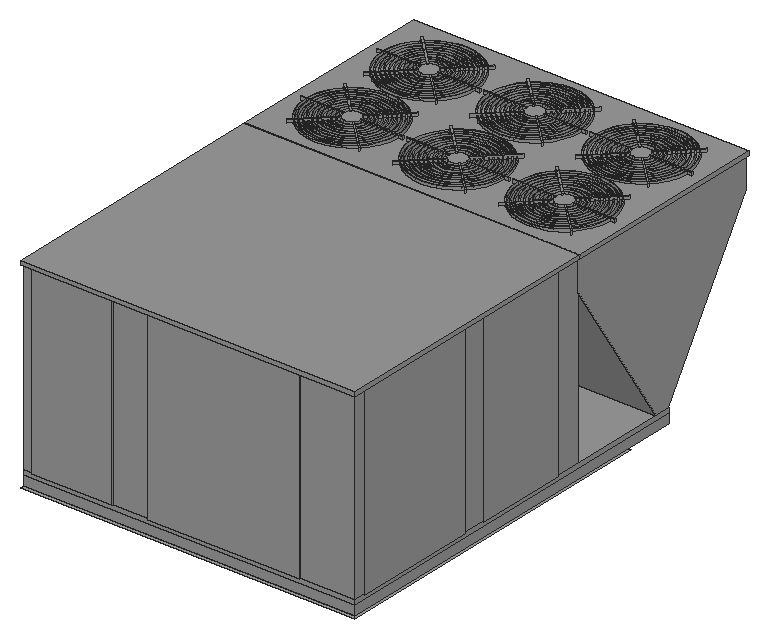
Revit family "RTU-1", category Mechanical Equipment, host Face, Revit 2025 (continued)
Automatic sketch dimensions
  Extrusion 31 sketch curve to Extrusion 31 sketch curve = 1/8"
  Extrusion 32 sketch curve to Extrusion 32 sketch curve = 0"  (x3)
  Extrusion 32 sketch curve to plane 92 = 0"
  Extrusion 32 sketch curve to plane 93 = 10.12829"
  Extrusion 32 sketch curve to Extrusion 32 sketch curve = 2.37171"
  Extrusion 32 sketch curve to Extrusion 32 sketch curve = 1/8"
  Extrusion 33 sketch curve to Extrusion 33 sketch curve = 0"  (x2)
  Extrusion 33 sketch curve to plane 94 = 0"
  Extrusion 33 sketch curve to Extrusion 33 sketch curve = 2.37171"
  Extrusion 33 sketch curve to Extrusion 33 sketch curve = 0.00329"
  Extrusion 33 sketch curve to plane 95 = 10.12829"
  Extrusion 33 sketch curve to Extrusion 33 sketch curve = 1/8"
  Extrusion 34 sketch curve to Extrusion 34 sketch curve = 0"  (x2)
  Extrusion 34 sketch curve to plane 96 = 0"
  Extrusion 34 sketch curve to Extrusion 34 sketch curve = 2.37171"
  Extrusion 34 sketch curve to Extrusion 34 sketch curve = 0.00329"
  Extrusion 34 sketch curve to plane 97 = 10.12829"
  Extrusion 34 sketch curve to Extrusion 34 sketch curve = 1/8"
  Extrusion 35 sketch curve to Extrusion 35 sketch curve = 0"  (x2)
  plane 98 to Extrusion 35 sketch curve = 0"
  Extrusion 35 sketch curve to Extrusion 35 sketch curve = 2.37171"
  Extrusion 35 sketch curve to Extrusion 35 sketch curve = 0.00329"
  Extrusion 35 sketch curve to plane 99 = 10.12829"
  Extrusion 35 sketch curve to Extrusion 35 sketch curve = 1/8"
  Extrusion 36 sketch curve to Extrusion 36 sketch curve = 0"  (x2)
  plane 100 to Extrusion 36 sketch curve = 0"
  Extrusion 36 sketch curve to Extrusion 36 sketch curve = 2.37171"
  Extrusion 36 sketch curve to Extrusion 36 sketch curve = 0.00329"
  Extrusion 36 sketch curve to plane 101 = 10.12829"
  Extrusion 36 sketch curve to Extrusion 36 sketch curve = 1/8"
  Extrusion 38 sketch curve to Extrusion 38 sketch curve = 0"  (x420)
  Extrusion 38 sketch curve to plane 107 = 2 3/8"
  Extrusion 39 sketch curve to Extrusion 39 sketch curve = 0"  (x3)
  Extrusion 39 sketch curve to plane 118 = 0"
  Extrusion 39 sketch curve to plane 119 = 10.12829"
  Extrusion 39 sketch curve to Extrusion 39 sketch curve = 2.37171"
  Extrusion 39 sketch curve to Extrusion 39 sketch curve = 1/8"
  Extrusion 40 sketch curve to Extrusion 40 sketch curve = 0"  (x3)
  Extrusion 40 sketch curve to plane 120 = 0"
  Extrusion 40 sketch curve to plane 121 = 10.12829"
  Extrusion 40 sketch curve to Extrusion 40 sketch curve = 2.37171"
  Extrusion 40 sketch curve to Extrusion 40 sketch curve = 1/8"
  Extrusion 41 sketch curve to Extrusion 41 sketch curve = 0"  (x2)
  Extrusion 41 sketch curve to plane 122 = 0"
  Extrusion 41 sketch curve to Extrusion 41 sketch curve = 1/8"  (x2)
  Extrusion 41 sketch curve to plane 123 = 10.12829"
  Extrusion 41 sketch curve to Extrusion 41 sketch curve = 2.37171"
  Extrusion 42 sketch curve to Extrusion 42 sketch curve = 0"  (x2)
  Extrusion 42 sketch curve to plane 124 = 0"
  Extrusion 42 sketch curve to Extrusion 42 sketch curve = 1/8"  (x2)
  Extrusion 42 sketch curve to plane 125 = 10.12829"
  Extrusion 42 sketch curve to Extrusion 42 sketch curve = 2.37171"
  Extrusion 43 sketch curve to Extrusion 43 sketch curve = 0"  (x2)
  plane 126 to Extrusion 43 sketch curve = 0"
  Extrusion 43 sketch curve to Extrusion 43 sketch curve = 1/8"  (x2)
  Extrusion 43 sketch curve to plane 127 = 10.12829"
  Extrusion 43 sketch curve to Extrusion 43 sketch curve = 2.37171"
  Extrusion 44 sketch curve to Extrusion 44 sketch curve = 0"  (x2)
  plane 128 to Extrusion 44 sketch curve = 0"
  Extrusion 44 sketch curve to Extrusion 44 sketch curve = 1/8"  (x2)
  Extrusion 44 sketch curve to plane 129 = 10.12829"
  Extrusion 44 sketch curve to Extrusion 44 sketch curve = 2.37171"
  Extrusion 45 sketch curve to Extrusion 45 sketch curve = 0"  (x420)
  Extrusion 45 sketch curve to plane 130 = 2 3/8"
  Extrusion 46 sketch curve to Extrusion 46 sketch curve = 0"  (x3)
  Extrusion 46 sketch curve to plane 141 = 0"
  Extrusion 46 sketch curve to plane 142 = 10.12829"
  Extrusion 46 sketch curve to Extrusion 46 sketch curve = 2.37171"
  Extrusion 46 sketch curve to Extrusion 46 sketch curve = 1/8"
  Extrusion 47 sketch curve to Extrusion 47 sketch curve = 0"  (x3)
  Extrusion 47 sketch curve to plane 143 = 0"
  Extrusion 47 sketch curve to plane 144 = 10.12829"
  Extrusion 47 sketch curve to Extrusion 47 sketch curve = 2.37171"
  Extrusion 47 sketch curve to Extrusion 47 sketch curve = 1/8"
  Extrusion 48 sketch curve to Extrusion 48 sketch curve = 0"  (x2)
  Extrusion 48 sketch curve to plane 145 = 0"
  Extrusion 48 sketch curve to Extrusion 48 sketch curve = 1/8"  (x2)
  Extrusion 48 sketch curve to plane 146 = 10.12829"
  Extrusion 48 sketch curve to Extrusion 48 sketch curve = 2.37171"
  Extrusion 49 sketch curve to Extrusion 49 sketch curve = 0"  (x2)
  Extrusion 49 sketch curve to plane 147 = 0"
  Extrusion 49 sketch curve to Extrusion 49 sketch curve = 1/8"  (x2)
  Extrusion 49 sketch curve to plane 148 = 10.12829"
  Extrusion 49 sketch curve to Extrusion 49 sketch curve = 2.37171"
  Extrusion 50 sketch curve to Extrusion 50 sketch curve = 0"  (x2)
  plane 149 to Extrusion 50 sketch curve = 0"
  Extrusion 50 sketch curve to Extrusion 50 sketch curve = 1/8"  (x2)
  Extrusion 50 sketch curve to plane 150 = 10.12829"
  Extrusion 50 sketch curve to Extrusion 50 sketch curve = 2.37171"
  Extrusion 51 sketch curve to Extrusion 51 sketch curve = 0"  (x2)
  plane 151 to Extrusion 51 sketch curve = 0"
  Extrusion 51 sketch curve to Extrusion 51 sketch curve = 1/8"  (x2)
  Extrusion 51 sketch curve to plane 152 = 10.12829"
  Extrusion 51 sketch curve to Extrusion 51 sketch curve = 2.37171"
  radius of Extrusion 8 sketch curve = 12 1/2"  (x3)
  radius of Extrusion 52 sketch curve = 2 3/8"
  radius of Extrusion 52 sketch curve = 3 3/8"
  radius of Extrusion 52 sketch curve = 3 1/2"
  radius of Extrusion 52 sketch curve = 4 3/8"
  radius of Extrusion 52 sketch curve = 5 1/4"
  radius of Extrusion 52 sketch curve = 4 1/2"
  radius of Extrusion 52 sketch curve = 5 3/8"
  radius of Extrusion 52 sketch curve = 6 3/8"
  radius of Extrusion 52 sketch curve = 7 3/8"
  radius of Extrusion 52 sketch curve = 9 3/8"
  radius of Extrusion 52 sketch curve = 10 3/8"
  radius of Extrusion 52 sketch curve = 11 3/8"
  radius of Extrusion 52 sketch curve = 12 3/8"
  radius of Extrusion 52 sketch curve = 12 1/2"
  radius of Extrusion 52 sketch curve = 7 1/2"
  radius of Extrusion 52 sketch curve = 9 1/2"
  radius of Extrusion 52 sketch curve = 10 1/2"
  radius of Extrusion 52 sketch curve = 11 1/2"
  radius of Extrusion 52 sketch curve = 8 3/8"
  radius of Extrusion 52 sketch curve = 8 1/2"
  radius of Extrusion 52 sketch curve = 6 1/2"
  radius of Extrusion 9 sketch curve = 2 3/8"
  radius of Extrusion 9 sketch curve = 3 3/8"
  radius of Extrusion 9 sketch curve = 3 1/2"
  radius of Extrusion 9 sketch curve = 4 3/8"
  radius of Extrusion 9 sketch curve = 5 1/4"
  radius of Extrusion 9 sketch curve = 4 1/2"
  radius of Extrusion 9 sketch curve = 5 3/8"
  radius of Extrusion 9 sketch curve = 6 3/8"
  radius of Extrusion 9 sketch curve = 7 3/8"
  radius of Extrusion 9 sketch curve = 9 3/8"
  radius of Extrusion 9 sketch curve = 10 3/8"
  radius of Extrusion 9 sketch curve = 11 3/8"
  radius of Extrusion 9 sketch curve = 12 3/8"
  radius of Extrusion 9 sketch curve = 12 1/2"
  radius of Extrusion 9 sketch curve = 7 1/2"
  radius of Extrusion 9 sketch curve = 9 1/2"
  radius of Extrusion 9 sketch curve = 10 1/2"
  radius of Extrusion 9 sketch curve = 11 1/2"
  radius of Extrusion 9 sketch curve = 8 3/8"
  radius of Extrusion 9 sketch curve = 8 1/2"
  radius of Extrusion 9 sketch curve = 6 1/2"
  radius of Extrusion 16 sketch curve = 2 3/8"
  radius of Extrusion 16 sketch curve = 3 3/8"
  radius of Extrusion 16 sketch curve = 3 1/2"
  radius of Extrusion 16 sketch curve = 4 3/8"
  radius of Extrusion 16 sketch curve = 5 1/4"
  radius of Extrusion 16 sketch curve = 4 1/2"
  radius of Extrusion 16 sketch curve = 5 3/8"
  radius of Extrusion 16 sketch curve = 6 3/8"
  radius of Extrusion 16 sketch curve = 7 3/8"
  radius of Extrusion 16 sketch curve = 9 3/8"
  radius of Extrusion 16 sketch curve = 10 3/8"
  radius of Extrusion 16 sketch curve = 11 3/8"
  radius of Extrusion 16 sketch curve = 12 3/8"
  radius of Extrusion 16 sketch curve = 12 1/2"
  radius of Extrusion 16 sketch curve = 7 1/2"
  radius of Extrusion 16 sketch curve = 9 1/2"
  radius of Extrusion 16 sketch curve = 10 1/2"
  radius of Extrusion 16 sketch curve = 11 1/2"
  radius of Extrusion 16 sketch curve = 8 3/8"
  radius of Extrusion 16 sketch curve = 8 1/2"
  radius of Extrusion 16 sketch curve = 6 1/2"
  radius of Extrusion 23 sketch curve = 2 3/8"
  radius of Extrusion 23 sketch curve = 3 3/8"
  radius of Extrusion 23 sketch curve = 3 1/2"
  radius of Extrusion 23 sketch curve = 4 3/8"
  radius of Extrusion 23 sketch curve = 5 1/4"
  radius of Extrusion 23 sketch curve = 4 1/2"
  radius of Extrusion 23 sketch curve = 5 3/8"
  radius of Extrusion 23 sketch curve = 6 3/8"
  radius of Extrusion 23 sketch curve = 7 3/8"
  radius of Extrusion 23 sketch curve = 9 3/8"
  radius of Extrusion 23 sketch curve = 10 3/8"
  radius of Extrusion 23 sketch curve = 11 3/8"
  radius of Extrusion 23 sketch curve = 12 3/8"
  radius of Extrusion 23 sketch curve = 12 1/2"
  radius of Extrusion 23 sketch curve = 7 1/2"
  radius of Extrusion 23 sketch curve = 9 1/2"
  radius of Extrusion 23 sketch curve = 10 1/2"
  radius of Extrusion 23 sketch curve = 11 1/2"
  radius of Extrusion 23 sketch curve = 8 3/8"
  radius of Extrusion 23 sketch curve = 8 1/2"
  radius of Extrusion 23 sketch curve = 6 1/2"
  radius of Extrusion 30 sketch curve = 2 3/8"
  radius of Extrusion 30 sketch curve = 3 3/8"
  radius of Extrusion 30 sketch curve = 3 1/2"
  radius of Extrusion 30 sketch curve = 4 3/8"
  radius of Extrusion 30 sketch curve = 5 1/4"
  radius of Extrusion 30 sketch curve = 4 1/2"
  radius of Extrusion 30 sketch curve = 5 3/8"
  radius of Extrusion 30 sketch curve = 6 3/8"
  radius of Extrusion 30 sketch curve = 7 3/8"
  radius of Extrusion 30 sketch curve = 9 3/8"
  radius of Extrusion 30 sketch curve = 10 3/8"
  radius of Extrusion 30 sketch curve = 11 3/8"
  radius of Extrusion 30 sketch curve = 12 3/8"
  radius of Extrusion 30 sketch curve = 12 1/2"
  radius of Extrusion 30 sketch curve = 7 1/2"
  radius of Extrusion 30 sketch curve = 9 1/2"
  radius of Extrusion 30 sketch curve = 10 1/2"
  radius of Extrusion 30 sketch curve = 11 1/2"
  radius of Extrusion 30 sketch curve = 8 3/8"
  radius of Extrusion 30 sketch curve = 8 1/2"
  radius of Extrusion 30 sketch curve = 6 1/2"
  radius of Extrusion 38 sketch curve = 2 3/8"
  radius of Extrusion 38 sketch curve = 3 3/8"
  radius of Extrusion 38 sketch curve = 3 1/2"
  radius of Extrusion 38 sketch curve = 4 3/8"
  radius of Extrusion 38 sketch curve = 5 1/4"
  radius of Extrusion 38 sketch curve = 4 1/2"
  radius of Extrusion 38 sketch curve = 5 3/8"
  radius of Extrusion 38 sketch curve = 6 3/8"
  radius of Extrusion 38 sketch curve = 7 3/8"
  radius of Extrusion 38 sketch curve = 9 3/8"
  radius of Extrusion 38 sketch curve = 10 3/8"
  radius of Extrusion 38 sketch curve = 11 3/8"
  radius of Extrusion 38 sketch curve = 12 3/8"
  radius of Extrusion 38 sketch curve = 12 1/2"
  radius of Extrusion 38 sketch curve = 7 1/2"
  radius of Extrusion 38 sketch curve = 9 1/2"
  radius of Extrusion 38 sketch curve = 10 1/2"
  radius of Extrusion 38 sketch curve = 11 1/2"
  radius of Extrusion 38 sketch curve = 8 3/8"
  radius of Extrusion 38 sketch curve = 8 1/2"
  radius of Extrusion 38 sketch curve = 6 1/2"
  radius of Extrusion 45 sketch curve = 2 3/8"
  radius of Extrusion 45 sketch curve = 3 3/8"
  radius of Extrusion 45 sketch curve = 3 1/2"
  radius of Extrusion 45 sketch curve = 4 3/8"
  radius of Extrusion 45 sketch curve = 5 1/4"
  radius of Extrusion 45 sketch curve = 4 1/2"
  radius of Extrusion 45 sketch curve = 5 3/8"
  radius of Extrusion 45 sketch curve = 6 3/8"
  radius of Extrusion 45 sketch curve = 7 3/8"
  radius of Extrusion 45 sketch curve = 9 3/8"
  radius of Extrusion 45 sketch curve = 10 3/8"
  radius of Extrusion 45 sketch curve = 11 3/8"
  radius of Extrusion 45 sketch curve = 12 3/8"
  radius of Extrusion 45 sketch curve = 12 1/2"
  radius of Extrusion 45 sketch curve = 7 1/2"
  radius of Extrusion 45 sketch curve = 9 1/2"
  radius of Extrusion 45 sketch curve = 10 1/2"
  radius of Extrusion 45 sketch curve = 11 1/2"
  radius of Extrusion 45 sketch curve = 8 3/8"
  radius of Extrusion 45 sketch curve = 8 1/2"
  radius of Extrusion 45 sketch curve = 6 1/2"
Nested families (in)
  nested 1: "Panel" at (44.5625, -32.875, 28.84375) x (0, 1, 0) z (1, 0, 0), type "Panel"
    with Width 33 1/2", Length 49 7/16"
  nested 2: "Panel" at (44.5625, 2.6875, 28.84375) x (0, 1, 0) z (1, 0, 0), type "Panel"
    with Width 24 7/8", Length 49 7/16"
  nested 3: "Panel" at (-44.5625, -32.875, 28.84375) x (0, 1, 0) z (-1, 0, 0), type "Panel"
    with Width 33 1/2", Length 49 7/16"
  nested 4: "Panel" at (-44.5625, 2.6875, 28.84375) x (0, 1, 0) z (-1, 0, 0), type "Panel"
    with Width 24 7/8", Length 49 7/16"
  nested 5: "Panel" at (-31.46875, -52.75, 28.84375) x (1, 0, 0) z (0, -1, 0), type "Panel"
    with Width 21 9/16", Length 49 7/16"
  nested 6: "Panel" at (9.46875, -52.75, 28.84375) x (1, 0, 0) z (0, -1, 0), type "Panel"
    with Width 40 11/16", Length 49 7/16"
Definition of nested family "Panel"
  Parameters (values of type "Panel")
    Width [instance] = 21 9/16"
    Material = none
    Length [instance] = 49 7/16"
    Default Elevation = 48"
  Reference planes (in)
    plane 1 "Center (Front/Back)": y = 0
    plane 2: z = 0
    plane 3 "Center (Left/Right)": x = 0
    plane 4: z = 0.25
    plane 5: x = -10.78125
    plane 6: x = 10.78125
    plane 7: y = 24.71875
    plane 8: y = -24.71875
  Forms (in)
    Extrusion 1, solid
      sketch origin (0, 0, 0) x (1, 0, 0) y (0, 1, 0)
        loop
          line (-48, 48) -> (-48, -48) -> (48, -48) -> (48, 48) -> (-48, 48)
      from 0 to -12
    Extrusion 2, solid, material <- "Material"
      sketch origin (0, 0, 0) x (1, 0, 0) y (0, 1, 0)
        loop
          line (-10.78125, 24.71875) -> (-10.78125, -24.71875) -> (10.78125, -24.71875) -> (10.78125, 24.71875) -> (-10.78125, 24.71875)
      from 0 to 0.25
  Dimensions and locks (in)
    plane 4 to plane 2 = 1/4"
    equal spacing: plane 5, plane 3 "Center (Left/Right)", plane 6
    equal spacing: plane 7, plane 1 "Center (Front/Back)", plane 8
    "Length": plane 7 to plane 8
    "Width": plane 5 to plane 6
    aligned and locked: plane 2 to Extrusion 1
    aligned and locked: level to Extrusion 1
    aligned and locked: plane 4 to Extrusion 2
    aligned and locked: Extrusion 2 to plane 6
    aligned and locked: Extrusion 2 to plane 5
    aligned and locked: plane 8 to Extrusion 2
    aligned and locked: plane 7 to Extrusion 2
  Automatic sketch dimensions
    Extrusion 1 sketch curve to Extrusion 1 sketch curve = 96"  (x2)
    plane 5 to Extrusion 2 sketch curve = 0"
    Extrusion 2 sketch curve to plane 6 = 0"
    plane 1 "Center (Front/Back)" to Extrusion 2 sketch curve = 24 23/32"
    Extrusion 2 sketch curve to plane 1 "Center (Front/Back)" = 24 23/32"
